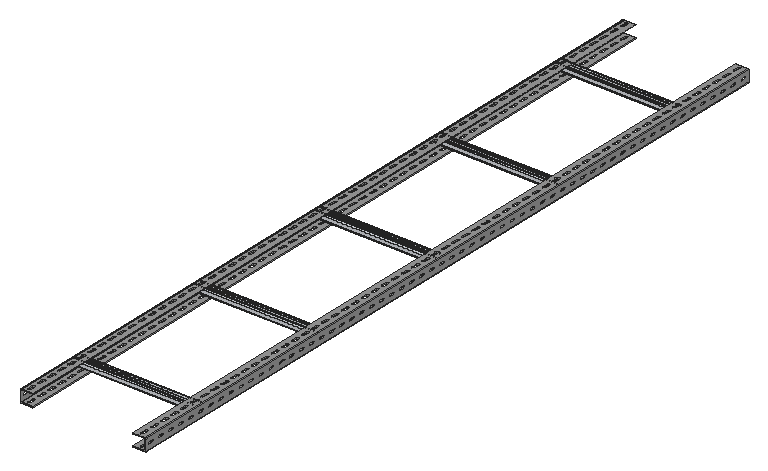
Revit family "steigeleiter__5_FT_FTSO_FTK_A2_A4.500rfa", category Generic Models, Revit 2017
Family settings
  Can host rebar = No
  Round Connector Dimension = Use Diameter
  Part Type = Normal
  Work Plane-Based = No
  Always vertical = Yes
  Cut with Voids When Loaded = No
  Shared = No
  Room Calculation Point = No
Parameters (values of type "SLM 50 C40 5 FT")
  Width 1 = Width / 2  # 250 mm
  Width = 500 mm
  URL = "http://www.obo-bettermann.com"
  Material = Hor-dip galvanised
  Manufacturer Art.No. = "6010490"
  Manufacturer = "OBO BETTERMANN"
  Length 2 = 273.5 mm
  Length = 3000 mm
  GTIN = "4012196146291"
  Cut's space 2 = 600 mm
  Cut's space = 50 mm
  Cut's number 2 = 5
  Cut's number = Length / Cut's space  # 60
  Article Type = "SLM 50 C40 5 FT"
Reference planes
  plane 1 "Center (Front/Back)": y = 0
  plane 2: z = 0
  plane 3 "Center (Left/Right)": x = 0
  plane 4: z = 50
  plane 5: y = 3000
  plane 6: y = 273.5
Forms (mm)
  Extrusion 1, solid, material "Hor-dip galvanised" <- "Material"
    sketch origin (0, 0, 0) x (1, 0, 0) y (0, 0, 1)
      loop
        arc (-246, 2.5) -> (-247.061, 2.939) -> (-247.5, 4) r 1.5
        line (-247.5, 4) -> (-247.5, 46)
        arc (-247.5, 46) -> (-247.061, 47.061) -> (-246, 47.5) r 1.5
        line (-246, 47.5) -> (-200, 47.5) -> (-200, 50) -> (-246, 50)
        arc (-246, 50) -> (-248.828, 48.828) -> (-250, 46) r 4
        line (-250, 46) -> (-250, 4)
        arc (-250, 4) -> (-248.828, 1.172) -> (-246, 0) r 4
        line (-246, 0) -> (-200, 0) -> (-200, 2.5) -> (-246, 2.5)
      loop
        line (200, 50) -> (200, 47.5) -> (246, 47.5)
        arc (246, 47.5) -> (247.061, 47.061) -> (247.5, 46) r 1.5
        line (247.5, 46) -> (247.5, 4)
        arc (247.5, 4) -> (247.061, 2.939) -> (246, 2.5) r 1.5
        line (246, 2.5) -> (200, 2.5) -> (200, 0) -> (249.273, 0)
        arc (249.273, 0) -> (249.787, 0.213) -> (250, 0.727) r 0.727
        line (250, 0.727) -> (250, 47.011)
        arc (250, 47.011) -> (249.124, 49.124) -> (247.011, 50) r 2.989
        line (247.011, 50) -> (200, 50)
    from 0 to -3000
  Extrusion 2, void
    sketch origin (0, 0, 0) x (1, 0, 0) y (0, 1, 0)
      loop
        arc (-230.5, 15.5) -> (-225, 10) -> (-219.5, 15.5) r 5.5
        line (-219.5, 15.5) -> (-219.5, 34.5)
        arc (-219.5, 34.5) -> (-225, 40) -> (-230.5, 34.5) r 5.5
        line (-230.5, 34.5) -> (-230.5, 15.5)
    from 47.5 to 50
  Extrusion 3, void
    sketch origin (0, 50, 0) x (1, 0, 0) y (0, 1, 0)
      loop
        arc (-230.5, 15.5) -> (-225, 10) -> (-219.5, 15.5) r 5.5
        line (-219.5, 15.5) -> (-219.5, 34.5)
        arc (-219.5, 34.5) -> (-225, 40) -> (-230.5, 34.5) r 5.5
        line (-230.5, 34.5) -> (-230.5, 15.5)
    from 47.5 to 50
  Extrusion 4, void
    sketch origin (0, 100, 0) x (1, 0, 0) y (0, 1, 0)
      loop
        arc (-230.5, 15.5) -> (-225, 10) -> (-219.5, 15.5) r 5.5
        line (-219.5, 15.5) -> (-219.5, 34.5)
        arc (-219.5, 34.5) -> (-225, 40) -> (-230.5, 34.5) r 5.5
        line (-230.5, 34.5) -> (-230.5, 15.5)
    from 47.5 to 50
  Extrusion 5, void
    sketch origin (0, 150, 0) x (1, 0, 0) y (0, 1, 0)
      loop
        arc (-230.5, 15.5) -> (-225, 10) -> (-219.5, 15.5) r 5.5
        line (-219.5, 15.5) -> (-219.5, 34.5)
        arc (-219.5, 34.5) -> (-225, 40) -> (-230.5, 34.5) r 5.5
        line (-230.5, 34.5) -> (-230.5, 15.5)
    from 47.5 to 50
  Extrusion 6, void
    sketch origin (0, 200, 0) x (1, 0, 0) y (0, 1, 0)
      loop
        arc (-230.5, 15.5) -> (-225, 10) -> (-219.5, 15.5) r 5.5
        line (-219.5, 15.5) -> (-219.5, 34.5)
        arc (-219.5, 34.5) -> (-225, 40) -> (-230.5, 34.5) r 5.5
        line (-230.5, 34.5) -> (-230.5, 15.5)
    from 47.5 to 50
  Extrusion 7, void
    sketch origin (0, 250, 0) x (1, 0, 0) y (0, 1, 0)
      loop
        arc (-230.5, 15.5) -> (-225, 10) -> (-219.5, 15.5) r 5.5
        line (-219.5, 15.5) -> (-219.5, 34.5)
        arc (-219.5, 34.5) -> (-225, 40) -> (-230.5, 34.5) r 5.5
        line (-230.5, 34.5) -> (-230.5, 15.5)
    from 47.5 to 50
  Extrusion 8, void
    sketch origin (0, 300, 0) x (1, 0, 0) y (0, 1, 0)
      loop
        arc (-230.5, 15.5) -> (-225, 10) -> (-219.5, 15.5) r 5.5
        line (-219.5, 15.5) -> (-219.5, 34.5)
        arc (-219.5, 34.5) -> (-225, 40) -> (-230.5, 34.5) r 5.5
        line (-230.5, 34.5) -> (-230.5, 15.5)
    from 47.5 to 50
  Extrusion 9, void
    sketch origin (0, 350, 0) x (1, 0, 0) y (0, 1, 0)
      loop
        arc (-230.5, 15.5) -> (-225, 10) -> (-219.5, 15.5) r 5.5
        line (-219.5, 15.5) -> (-219.5, 34.5)
        arc (-219.5, 34.5) -> (-225, 40) -> (-230.5, 34.5) r 5.5
        line (-230.5, 34.5) -> (-230.5, 15.5)
    from 47.5 to 50
  Extrusion 10, void
    sketch origin (0, 400, 0) x (1, 0, 0) y (0, 1, 0)
      loop
        arc (-230.5, 15.5) -> (-225, 10) -> (-219.5, 15.5) r 5.5
        line (-219.5, 15.5) -> (-219.5, 34.5)
        arc (-219.5, 34.5) -> (-225, 40) -> (-230.5, 34.5) r 5.5
        line (-230.5, 34.5) -> (-230.5, 15.5)
    from 47.5 to 50
  Extrusion 11, void
    sketch origin (0, 450, 0) x (1, 0, 0) y (0, 1, 0)
      loop
        arc (-230.5, 15.5) -> (-225, 10) -> (-219.5, 15.5) r 5.5
        line (-219.5, 15.5) -> (-219.5, 34.5)
        arc (-219.5, 34.5) -> (-225, 40) -> (-230.5, 34.5) r 5.5
        line (-230.5, 34.5) -> (-230.5, 15.5)
    from 47.5 to 50
  Extrusion 12, void
    sketch origin (0, 500, 0) x (1, 0, 0) y (0, 1, 0)
      loop
        arc (-230.5, 15.5) -> (-225, 10) -> (-219.5, 15.5) r 5.5
        line (-219.5, 15.5) -> (-219.5, 34.5)
        arc (-219.5, 34.5) -> (-225, 40) -> (-230.5, 34.5) r 5.5
        line (-230.5, 34.5) -> (-230.5, 15.5)
    from 47.5 to 50
  Extrusion 13, void
    sketch origin (0, 550, 0) x (1, 0, 0) y (0, 1, 0)
      loop
        arc (-230.5, 15.5) -> (-225, 10) -> (-219.5, 15.5) r 5.5
        line (-219.5, 15.5) -> (-219.5, 34.5)
        arc (-219.5, 34.5) -> (-225, 40) -> (-230.5, 34.5) r 5.5
        line (-230.5, 34.5) -> (-230.5, 15.5)
    from 47.5 to 50
  Extrusion 14, void
    sketch origin (0, 600, 0) x (1, 0, 0) y (0, 1, 0)
      loop
        arc (-230.5, 15.5) -> (-225, 10) -> (-219.5, 15.5) r 5.5
        line (-219.5, 15.5) -> (-219.5, 34.5)
        arc (-219.5, 34.5) -> (-225, 40) -> (-230.5, 34.5) r 5.5
        line (-230.5, 34.5) -> (-230.5, 15.5)
    from 47.5 to 50
  Extrusion 15, void
    sketch origin (0, 650, 0) x (1, 0, 0) y (0, 1, 0)
      loop
        arc (-230.5, 15.5) -> (-225, 10) -> (-219.5, 15.5) r 5.5
        line (-219.5, 15.5) -> (-219.5, 34.5)
        arc (-219.5, 34.5) -> (-225, 40) -> (-230.5, 34.5) r 5.5
        line (-230.5, 34.5) -> (-230.5, 15.5)
    from 47.5 to 50
  Extrusion 16, void
    sketch origin (0, 700, 0) x (1, 0, 0) y (0, 1, 0)
      loop
        arc (-230.5, 15.5) -> (-225, 10) -> (-219.5, 15.5) r 5.5
        line (-219.5, 15.5) -> (-219.5, 34.5)
        arc (-219.5, 34.5) -> (-225, 40) -> (-230.5, 34.5) r 5.5
        line (-230.5, 34.5) -> (-230.5, 15.5)
    from 47.5 to 50
  Extrusion 17, void
    sketch origin (0, 750, 0) x (1, 0, 0) y (0, 1, 0)
      loop
        arc (-230.5, 15.5) -> (-225, 10) -> (-219.5, 15.5) r 5.5
        line (-219.5, 15.5) -> (-219.5, 34.5)
        arc (-219.5, 34.5) -> (-225, 40) -> (-230.5, 34.5) r 5.5
        line (-230.5, 34.5) -> (-230.5, 15.5)
    from 47.5 to 50
  Extrusion 18, void
    sketch origin (0, 800, 0) x (1, 0, 0) y (0, 1, 0)
      loop
        arc (-230.5, 15.5) -> (-225, 10) -> (-219.5, 15.5) r 5.5
        line (-219.5, 15.5) -> (-219.5, 34.5)
        arc (-219.5, 34.5) -> (-225, 40) -> (-230.5, 34.5) r 5.5
        line (-230.5, 34.5) -> (-230.5, 15.5)
    from 47.5 to 50
  Extrusion 19, void
    sketch origin (0, 850, 0) x (1, 0, 0) y (0, 1, 0)
      loop
        arc (-230.5, 15.5) -> (-225, 10) -> (-219.5, 15.5) r 5.5
        line (-219.5, 15.5) -> (-219.5, 34.5)
        arc (-219.5, 34.5) -> (-225, 40) -> (-230.5, 34.5) r 5.5
        line (-230.5, 34.5) -> (-230.5, 15.5)
    from 47.5 to 50
  Extrusion 20, void
    sketch origin (0, 900, 0) x (1, 0, 0) y (0, 1, 0)
      loop
        arc (-230.5, 15.5) -> (-225, 10) -> (-219.5, 15.5) r 5.5
        line (-219.5, 15.5) -> (-219.5, 34.5)
        arc (-219.5, 34.5) -> (-225, 40) -> (-230.5, 34.5) r 5.5
        line (-230.5, 34.5) -> (-230.5, 15.5)
    from 47.5 to 50
  Extrusion 21, void
    sketch origin (0, 950, 0) x (1, 0, 0) y (0, 1, 0)
      loop
        arc (-230.5, 15.5) -> (-225, 10) -> (-219.5, 15.5) r 5.5
        line (-219.5, 15.5) -> (-219.5, 34.5)
        arc (-219.5, 34.5) -> (-225, 40) -> (-230.5, 34.5) r 5.5
        line (-230.5, 34.5) -> (-230.5, 15.5)
    from 47.5 to 50
  Extrusion 22, void
    sketch origin (0, 1000, 0) x (1, 0, 0) y (0, 1, 0)
      loop
        arc (-230.5, 15.5) -> (-225, 10) -> (-219.5, 15.5) r 5.5
        line (-219.5, 15.5) -> (-219.5, 34.5)
        arc (-219.5, 34.5) -> (-225, 40) -> (-230.5, 34.5) r 5.5
        line (-230.5, 34.5) -> (-230.5, 15.5)
    from 47.5 to 50
  Extrusion 23, void
    sketch origin (0, 1050, 0) x (1, 0, 0) y (0, 1, 0)
      loop
        arc (-230.5, 15.5) -> (-225, 10) -> (-219.5, 15.5) r 5.5
        line (-219.5, 15.5) -> (-219.5, 34.5)
        arc (-219.5, 34.5) -> (-225, 40) -> (-230.5, 34.5) r 5.5
        line (-230.5, 34.5) -> (-230.5, 15.5)
    from 47.5 to 50
  Extrusion 24, void
    sketch origin (0, 1100, 0) x (1, 0, 0) y (0, 1, 0)
      loop
        arc (-230.5, 15.5) -> (-225, 10) -> (-219.5, 15.5) r 5.5
        line (-219.5, 15.5) -> (-219.5, 34.5)
        arc (-219.5, 34.5) -> (-225, 40) -> (-230.5, 34.5) r 5.5
        line (-230.5, 34.5) -> (-230.5, 15.5)
    from 47.5 to 50
  Extrusion 25, void
    sketch origin (0, 1150, 0) x (1, 0, 0) y (0, 1, 0)
      loop
        arc (-230.5, 15.5) -> (-225, 10) -> (-219.5, 15.5) r 5.5
        line (-219.5, 15.5) -> (-219.5, 34.5)
        arc (-219.5, 34.5) -> (-225, 40) -> (-230.5, 34.5) r 5.5
        line (-230.5, 34.5) -> (-230.5, 15.5)
    from 47.5 to 50
  Extrusion 26, void
    sketch origin (0, 1200, 0) x (1, 0, 0) y (0, 1, 0)
      loop
        arc (-230.5, 15.5) -> (-225, 10) -> (-219.5, 15.5) r 5.5
        line (-219.5, 15.5) -> (-219.5, 34.5)
        arc (-219.5, 34.5) -> (-225, 40) -> (-230.5, 34.5) r 5.5
        line (-230.5, 34.5) -> (-230.5, 15.5)
    from 47.5 to 50
  Extrusion 27, void
    sketch origin (0, 1250, 0) x (1, 0, 0) y (0, 1, 0)
      loop
        arc (-230.5, 15.5) -> (-225, 10) -> (-219.5, 15.5) r 5.5
        line (-219.5, 15.5) -> (-219.5, 34.5)
        arc (-219.5, 34.5) -> (-225, 40) -> (-230.5, 34.5) r 5.5
        line (-230.5, 34.5) -> (-230.5, 15.5)
    from 47.5 to 50
  Extrusion 28, void
    sketch origin (0, 1300, 0) x (1, 0, 0) y (0, 1, 0)
      loop
        arc (-230.5, 15.5) -> (-225, 10) -> (-219.5, 15.5) r 5.5
        line (-219.5, 15.5) -> (-219.5, 34.5)
        arc (-219.5, 34.5) -> (-225, 40) -> (-230.5, 34.5) r 5.5
        line (-230.5, 34.5) -> (-230.5, 15.5)
    from 47.5 to 50
  Extrusion 29, void
    sketch origin (0, 1350, 0) x (1, 0, 0) y (0, 1, 0)
      loop
        arc (-230.5, 15.5) -> (-225, 10) -> (-219.5, 15.5) r 5.5
        line (-219.5, 15.5) -> (-219.5, 34.5)
        arc (-219.5, 34.5) -> (-225, 40) -> (-230.5, 34.5) r 5.5
        line (-230.5, 34.5) -> (-230.5, 15.5)
    from 47.5 to 50
  Extrusion 30, void
    sketch origin (0, 1400, 0) x (1, 0, 0) y (0, 1, 0)
      loop
        arc (-230.5, 15.5) -> (-225, 10) -> (-219.5, 15.5) r 5.5
        line (-219.5, 15.5) -> (-219.5, 34.5)
        arc (-219.5, 34.5) -> (-225, 40) -> (-230.5, 34.5) r 5.5
        line (-230.5, 34.5) -> (-230.5, 15.5)
    from 47.5 to 50
  Extrusion 31, void
    sketch origin (0, 1450, 0) x (1, 0, 0) y (0, 1, 0)
      loop
        arc (-230.5, 15.5) -> (-225, 10) -> (-219.5, 15.5) r 5.5
        line (-219.5, 15.5) -> (-219.5, 34.5)
        arc (-219.5, 34.5) -> (-225, 40) -> (-230.5, 34.5) r 5.5
        line (-230.5, 34.5) -> (-230.5, 15.5)
    from 47.5 to 50
  Extrusion 32, void
    sketch origin (0, 1500, 0) x (1, 0, 0) y (0, 1, 0)
      loop
        arc (-230.5, 15.5) -> (-225, 10) -> (-219.5, 15.5) r 5.5
        line (-219.5, 15.5) -> (-219.5, 34.5)
        arc (-219.5, 34.5) -> (-225, 40) -> (-230.5, 34.5) r 5.5
        line (-230.5, 34.5) -> (-230.5, 15.5)
    from 47.5 to 50
  Extrusion 33, void
    sketch origin (0, 1550, 0) x (1, 0, 0) y (0, 1, 0)
      loop
        arc (-230.5, 15.5) -> (-225, 10) -> (-219.5, 15.5) r 5.5
        line (-219.5, 15.5) -> (-219.5, 34.5)
        arc (-219.5, 34.5) -> (-225, 40) -> (-230.5, 34.5) r 5.5
        line (-230.5, 34.5) -> (-230.5, 15.5)
    from 47.5 to 50
  Extrusion 34, void
    sketch origin (0, 1600, 0) x (1, 0, 0) y (0, 1, 0)
      loop
        arc (-230.5, 15.5) -> (-225, 10) -> (-219.5, 15.5) r 5.5
        line (-219.5, 15.5) -> (-219.5, 34.5)
        arc (-219.5, 34.5) -> (-225, 40) -> (-230.5, 34.5) r 5.5
        line (-230.5, 34.5) -> (-230.5, 15.5)
    from 47.5 to 50
  Extrusion 35, void
    sketch origin (0, 1650, 0) x (1, 0, 0) y (0, 1, 0)
      loop
        arc (-230.5, 15.5) -> (-225, 10) -> (-219.5, 15.5) r 5.5
        line (-219.5, 15.5) -> (-219.5, 34.5)
        arc (-219.5, 34.5) -> (-225, 40) -> (-230.5, 34.5) r 5.5
        line (-230.5, 34.5) -> (-230.5, 15.5)
    from 47.5 to 50
  Extrusion 36, void
    sketch origin (0, 1700, 0) x (1, 0, 0) y (0, 1, 0)
      loop
        arc (-230.5, 15.5) -> (-225, 10) -> (-219.5, 15.5) r 5.5
        line (-219.5, 15.5) -> (-219.5, 34.5)
        arc (-219.5, 34.5) -> (-225, 40) -> (-230.5, 34.5) r 5.5
        line (-230.5, 34.5) -> (-230.5, 15.5)
    from 47.5 to 50
  Extrusion 37, void
    sketch origin (0, 1750, 0) x (1, 0, 0) y (0, 1, 0)
      loop
        arc (-230.5, 15.5) -> (-225, 10) -> (-219.5, 15.5) r 5.5
        line (-219.5, 15.5) -> (-219.5, 34.5)
        arc (-219.5, 34.5) -> (-225, 40) -> (-230.5, 34.5) r 5.5
        line (-230.5, 34.5) -> (-230.5, 15.5)
    from 47.5 to 50
  Extrusion 38, void
    sketch origin (0, 1800, 0) x (1, 0, 0) y (0, 1, 0)
      loop
        arc (-230.5, 15.5) -> (-225, 10) -> (-219.5, 15.5) r 5.5
        line (-219.5, 15.5) -> (-219.5, 34.5)
        arc (-219.5, 34.5) -> (-225, 40) -> (-230.5, 34.5) r 5.5
        line (-230.5, 34.5) -> (-230.5, 15.5)
    from 47.5 to 50
  Extrusion 39, void
    sketch origin (0, 1850, 0) x (1, 0, 0) y (0, 1, 0)
      loop
        arc (-230.5, 15.5) -> (-225, 10) -> (-219.5, 15.5) r 5.5
        line (-219.5, 15.5) -> (-219.5, 34.5)
        arc (-219.5, 34.5) -> (-225, 40) -> (-230.5, 34.5) r 5.5
        line (-230.5, 34.5) -> (-230.5, 15.5)
    from 47.5 to 50
  Extrusion 40, void
    sketch origin (0, 1900, 0) x (1, 0, 0) y (0, 1, 0)
      loop
        arc (-230.5, 15.5) -> (-225, 10) -> (-219.5, 15.5) r 5.5
        line (-219.5, 15.5) -> (-219.5, 34.5)
        arc (-219.5, 34.5) -> (-225, 40) -> (-230.5, 34.5) r 5.5
        line (-230.5, 34.5) -> (-230.5, 15.5)
    from 47.5 to 50
  Extrusion 41, void
    sketch origin (0, 1950, 0) x (1, 0, 0) y (0, 1, 0)
      loop
        arc (-230.5, 15.5) -> (-225, 10) -> (-219.5, 15.5) r 5.5
        line (-219.5, 15.5) -> (-219.5, 34.5)
        arc (-219.5, 34.5) -> (-225, 40) -> (-230.5, 34.5) r 5.5
        line (-230.5, 34.5) -> (-230.5, 15.5)
    from 47.5 to 50
  Extrusion 42, void
    sketch origin (0, 2000, 0) x (1, 0, 0) y (0, 1, 0)
      loop
        arc (-230.5, 15.5) -> (-225, 10) -> (-219.5, 15.5) r 5.5
        line (-219.5, 15.5) -> (-219.5, 34.5)
        arc (-219.5, 34.5) -> (-225, 40) -> (-230.5, 34.5) r 5.5
        line (-230.5, 34.5) -> (-230.5, 15.5)
    from 47.5 to 50
  Extrusion 43, void
    sketch origin (0, 2050, 0) x (1, 0, 0) y (0, 1, 0)
      loop
        arc (-230.5, 15.5) -> (-225, 10) -> (-219.5, 15.5) r 5.5
        line (-219.5, 15.5) -> (-219.5, 34.5)
        arc (-219.5, 34.5) -> (-225, 40) -> (-230.5, 34.5) r 5.5
        line (-230.5, 34.5) -> (-230.5, 15.5)
    from 47.5 to 50
  Extrusion 44, void
    sketch origin (0, 2100, 0) x (1, 0, 0) y (0, 1, 0)
      loop
        arc (-230.5, 15.5) -> (-225, 10) -> (-219.5, 15.5) r 5.5
        line (-219.5, 15.5) -> (-219.5, 34.5)
        arc (-219.5, 34.5) -> (-225, 40) -> (-230.5, 34.5) r 5.5
        line (-230.5, 34.5) -> (-230.5, 15.5)
    from 47.5 to 50
  Extrusion 45, void
    sketch origin (0, 2150, 0) x (1, 0, 0) y (0, 1, 0)
      loop
        arc (-230.5, 15.5) -> (-225, 10) -> (-219.5, 15.5) r 5.5
        line (-219.5, 15.5) -> (-219.5, 34.5)
        arc (-219.5, 34.5) -> (-225, 40) -> (-230.5, 34.5) r 5.5
        line (-230.5, 34.5) -> (-230.5, 15.5)
    from 47.5 to 50
  Extrusion 46, void
    sketch origin (0, 2200, 0) x (1, 0, 0) y (0, 1, 0)
      loop
        arc (-230.5, 15.5) -> (-225, 10) -> (-219.5, 15.5) r 5.5
        line (-219.5, 15.5) -> (-219.5, 34.5)
        arc (-219.5, 34.5) -> (-225, 40) -> (-230.5, 34.5) r 5.5
        line (-230.5, 34.5) -> (-230.5, 15.5)
    from 47.5 to 50
  Extrusion 47, void
    sketch origin (0, 2250, 0) x (1, 0, 0) y (0, 1, 0)
      loop
        arc (-230.5, 15.5) -> (-225, 10) -> (-219.5, 15.5) r 5.5
        line (-219.5, 15.5) -> (-219.5, 34.5)
        arc (-219.5, 34.5) -> (-225, 40) -> (-230.5, 34.5) r 5.5
        line (-230.5, 34.5) -> (-230.5, 15.5)
    from 47.5 to 50
  Extrusion 48, void
    sketch origin (0, 2300, 0) x (1, 0, 0) y (0, 1, 0)
      loop
        arc (-230.5, 15.5) -> (-225, 10) -> (-219.5, 15.5) r 5.5
        line (-219.5, 15.5) -> (-219.5, 34.5)
        arc (-219.5, 34.5) -> (-225, 40) -> (-230.5, 34.5) r 5.5
        line (-230.5, 34.5) -> (-230.5, 15.5)
    from 47.5 to 50
  Extrusion 49, void
    sketch origin (0, 2350, 0) x (1, 0, 0) y (0, 1, 0)
      loop
        arc (-230.5, 15.5) -> (-225, 10) -> (-219.5, 15.5) r 5.5
        line (-219.5, 15.5) -> (-219.5, 34.5)
        arc (-219.5, 34.5) -> (-225, 40) -> (-230.5, 34.5) r 5.5
        line (-230.5, 34.5) -> (-230.5, 15.5)
    from 47.5 to 50
  Extrusion 50, void
    sketch origin (0, 2400, 0) x (1, 0, 0) y (0, 1, 0)
      loop
        arc (-230.5, 15.5) -> (-225, 10) -> (-219.5, 15.5) r 5.5
        line (-219.5, 15.5) -> (-219.5, 34.5)
        arc (-219.5, 34.5) -> (-225, 40) -> (-230.5, 34.5) r 5.5
        line (-230.5, 34.5) -> (-230.5, 15.5)
    from 47.5 to 50
  Extrusion 51, void
    sketch origin (0, 2450, 0) x (1, 0, 0) y (0, 1, 0)
      loop
        arc (-230.5, 15.5) -> (-225, 10) -> (-219.5, 15.5) r 5.5
        line (-219.5, 15.5) -> (-219.5, 34.5)
        arc (-219.5, 34.5) -> (-225, 40) -> (-230.5, 34.5) r 5.5
        line (-230.5, 34.5) -> (-230.5, 15.5)
    from 47.5 to 50
  Extrusion 52, void
    sketch origin (0, 2500, 0) x (1, 0, 0) y (0, 1, 0)
      loop
        arc (-230.5, 15.5) -> (-225, 10) -> (-219.5, 15.5) r 5.5
        line (-219.5, 15.5) -> (-219.5, 34.5)
        arc (-219.5, 34.5) -> (-225, 40) -> (-230.5, 34.5) r 5.5
        line (-230.5, 34.5) -> (-230.5, 15.5)
    from 47.5 to 50
  Extrusion 53, void
    sketch origin (0, 2550, 0) x (1, 0, 0) y (0, 1, 0)
      loop
        arc (-230.5, 15.5) -> (-225, 10) -> (-219.5, 15.5) r 5.5
        line (-219.5, 15.5) -> (-219.5, 34.5)
        arc (-219.5, 34.5) -> (-225, 40) -> (-230.5, 34.5) r 5.5
        line (-230.5, 34.5) -> (-230.5, 15.5)
    from 47.5 to 50
  Extrusion 54, void
    sketch origin (0, 2600, 0) x (1, 0, 0) y (0, 1, 0)
      loop
        arc (-230.5, 15.5) -> (-225, 10) -> (-219.5, 15.5) r 5.5
        line (-219.5, 15.5) -> (-219.5, 34.5)
        arc (-219.5, 34.5) -> (-225, 40) -> (-230.5, 34.5) r 5.5
        line (-230.5, 34.5) -> (-230.5, 15.5)
    from 47.5 to 50
  Extrusion 55, void
    sketch origin (0, 2650, 0) x (1, 0, 0) y (0, 1, 0)
      loop
        arc (-230.5, 15.5) -> (-225, 10) -> (-219.5, 15.5) r 5.5
        line (-219.5, 15.5) -> (-219.5, 34.5)
        arc (-219.5, 34.5) -> (-225, 40) -> (-230.5, 34.5) r 5.5
        line (-230.5, 34.5) -> (-230.5, 15.5)
    from 47.5 to 50
  Extrusion 56, void
    sketch origin (0, 2700, 0) x (1, 0, 0) y (0, 1, 0)
      loop
        arc (-230.5, 15.5) -> (-225, 10) -> (-219.5, 15.5) r 5.5
        line (-219.5, 15.5) -> (-219.5, 34.5)
        arc (-219.5, 34.5) -> (-225, 40) -> (-230.5, 34.5) r 5.5
        line (-230.5, 34.5) -> (-230.5, 15.5)
    from 47.5 to 50
  Extrusion 57, void
    sketch origin (0, 2750, 0) x (1, 0, 0) y (0, 1, 0)
      loop
        arc (-230.5, 15.5) -> (-225, 10) -> (-219.5, 15.5) r 5.5
        line (-219.5, 15.5) -> (-219.5, 34.5)
        arc (-219.5, 34.5) -> (-225, 40) -> (-230.5, 34.5) r 5.5
        line (-230.5, 34.5) -> (-230.5, 15.5)
    from 47.5 to 50
  Extrusion 58, void
    sketch origin (0, 2800, 0) x (1, 0, 0) y (0, 1, 0)
      loop
        arc (-230.5, 15.5) -> (-225, 10) -> (-219.5, 15.5) r 5.5
        line (-219.5, 15.5) -> (-219.5, 34.5)
        arc (-219.5, 34.5) -> (-225, 40) -> (-230.5, 34.5) r 5.5
        line (-230.5, 34.5) -> (-230.5, 15.5)
    from 47.5 to 50
  Extrusion 59, void
    sketch origin (0, 2850, 0) x (1, 0, 0) y (0, 1, 0)
      loop
        arc (-230.5, 15.5) -> (-225, 10) -> (-219.5, 15.5) r 5.5
        line (-219.5, 15.5) -> (-219.5, 34.5)
        arc (-219.5, 34.5) -> (-225, 40) -> (-230.5, 34.5) r 5.5
        line (-230.5, 34.5) -> (-230.5, 15.5)
    from 47.5 to 50
  Extrusion 60, void
    sketch origin (0, 2900, 0) x (1, 0, 0) y (0, 1, 0)
      loop
        arc (-230.5, 15.5) -> (-225, 10) -> (-219.5, 15.5) r 5.5
        line (-219.5, 15.5) -> (-219.5, 34.5)
        arc (-219.5, 34.5) -> (-225, 40) -> (-230.5, 34.5) r 5.5
        line (-230.5, 34.5) -> (-230.5, 15.5)
    from 47.5 to 50
  Extrusion 61, void
    sketch origin (0, 2950, 0) x (1, 0, 0) y (0, 1, 0)
      loop
        arc (-230.5, 15.5) -> (-225, 10) -> (-219.5, 15.5) r 5.5
        line (-219.5, 15.5) -> (-219.5, 34.5)
        arc (-219.5, 34.5) -> (-225, 40) -> (-230.5, 34.5) r 5.5
        line (-230.5, 34.5) -> (-230.5, 15.5)
    from 47.5 to 50
  Extrusion 62, void
    sketch origin (0, 0, 0) x (1, 0, 0) y (0, 1, 0)
      loop
        arc (219.5, 15.5) -> (225, 10) -> (230.5, 15.5) r 5.5
        line (230.5, 15.5) -> (230.5, 34.5)
        arc (230.5, 34.5) -> (225, 40) -> (219.5, 34.5) r 5.5
        line (219.5, 34.5) -> (219.5, 15.5)
    from 47.5 to 50
  Extrusion 63, void
    sketch origin (0, 50, 0) x (1, 0, 0) y (0, 1, 0)
      loop
        arc (219.5, 15.5) -> (225, 10) -> (230.5, 15.5) r 5.5
        line (230.5, 15.5) -> (230.5, 34.5)
        arc (230.5, 34.5) -> (225, 40) -> (219.5, 34.5) r 5.5
        line (219.5, 34.5) -> (219.5, 15.5)
    from 47.5 to 50
  Extrusion 64, void
    sketch origin (0, 100, 0) x (1, 0, 0) y (0, 1, 0)
      loop
        arc (219.5, 15.5) -> (225, 10) -> (230.5, 15.5) r 5.5
        line (230.5, 15.5) -> (230.5, 34.5)
        arc (230.5, 34.5) -> (225, 40) -> (219.5, 34.5) r 5.5
        line (219.5, 34.5) -> (219.5, 15.5)
    from 47.5 to 50
  Extrusion 65, void
    sketch origin (0, 150, 0) x (1, 0, 0) y (0, 1, 0)
      loop
        arc (219.5, 15.5) -> (225, 10) -> (230.5, 15.5) r 5.5
        line (230.5, 15.5) -> (230.5, 34.5)
        arc (230.5, 34.5) -> (225, 40) -> (219.5, 34.5) r 5.5
        line (219.5, 34.5) -> (219.5, 15.5)
    from 47.5 to 50
  Extrusion 66, void
    sketch origin (0, 200, 0) x (1, 0, 0) y (0, 1, 0)
      loop
        arc (219.5, 15.5) -> (225, 10) -> (230.5, 15.5) r 5.5
        line (230.5, 15.5) -> (230.5, 34.5)
        arc (230.5, 34.5) -> (225, 40) -> (219.5, 34.5) r 5.5
        line (219.5, 34.5) -> (219.5, 15.5)
    from 47.5 to 50
  Extrusion 67, void
    sketch origin (0, 250, 0) x (1, 0, 0) y (0, 1, 0)
      loop
        arc (219.5, 15.5) -> (225, 10) -> (230.5, 15.5) r 5.5
        line (230.5, 15.5) -> (230.5, 34.5)
        arc (230.5, 34.5) -> (225, 40) -> (219.5, 34.5) r 5.5
        line (219.5, 34.5) -> (219.5, 15.5)
    from 47.5 to 50
  Extrusion 68, void
    sketch origin (0, 300, 0) x (1, 0, 0) y (0, 1, 0)
      loop
        arc (219.5, 15.5) -> (225, 10) -> (230.5, 15.5) r 5.5
        line (230.5, 15.5) -> (230.5, 34.5)
        arc (230.5, 34.5) -> (225, 40) -> (219.5, 34.5) r 5.5
        line (219.5, 34.5) -> (219.5, 15.5)
    from 47.5 to 50
  Extrusion 69, void
    sketch origin (0, 350, 0) x (1, 0, 0) y (0, 1, 0)
      loop
        arc (219.5, 15.5) -> (225, 10) -> (230.5, 15.5) r 5.5
        line (230.5, 15.5) -> (230.5, 34.5)
        arc (230.5, 34.5) -> (225, 40) -> (219.5, 34.5) r 5.5
        line (219.5, 34.5) -> (219.5, 15.5)
    from 47.5 to 50
  Extrusion 70, void
    sketch origin (0, 400, 0) x (1, 0, 0) y (0, 1, 0)
      loop
        arc (219.5, 15.5) -> (225, 10) -> (230.5, 15.5) r 5.5
        line (230.5, 15.5) -> (230.5, 34.5)
        arc (230.5, 34.5) -> (225, 40) -> (219.5, 34.5) r 5.5
        line (219.5, 34.5) -> (219.5, 15.5)
    from 47.5 to 50
  Extrusion 71, void
    sketch origin (0, 450, 0) x (1, 0, 0) y (0, 1, 0)
      loop
        arc (219.5, 15.5) -> (225, 10) -> (230.5, 15.5) r 5.5
        line (230.5, 15.5) -> (230.5, 34.5)
        arc (230.5, 34.5) -> (225, 40) -> (219.5, 34.5) r 5.5
        line (219.5, 34.5) -> (219.5, 15.5)
    from 47.5 to 50
  Extrusion 72, void
    sketch origin (0, 500, 0) x (1, 0, 0) y (0, 1, 0)
      loop
        arc (219.5, 15.5) -> (225, 10) -> (230.5, 15.5) r 5.5
        line (230.5, 15.5) -> (230.5, 34.5)
        arc (230.5, 34.5) -> (225, 40) -> (219.5, 34.5) r 5.5
        line (219.5, 34.5) -> (219.5, 15.5)
    from 47.5 to 50
  Extrusion 73, void
    sketch origin (0, 550, 0) x (1, 0, 0) y (0, 1, 0)
      loop
        arc (219.5, 15.5) -> (225, 10) -> (230.5, 15.5) r 5.5
        line (230.5, 15.5) -> (230.5, 34.5)
        arc (230.5, 34.5) -> (225, 40) -> (219.5, 34.5) r 5.5
        line (219.5, 34.5) -> (219.5, 15.5)
    from 47.5 to 50
  Extrusion 74, void
    sketch origin (0, 600, 0) x (1, 0, 0) y (0, 1, 0)
      loop
        arc (219.5, 15.5) -> (225, 10) -> (230.5, 15.5) r 5.5
        line (230.5, 15.5) -> (230.5, 34.5)
        arc (230.5, 34.5) -> (225, 40) -> (219.5, 34.5) r 5.5
        line (219.5, 34.5) -> (219.5, 15.5)
    from 47.5 to 50
  Extrusion 75, void
    sketch origin (0, 650, 0) x (1, 0, 0) y (0, 1, 0)
      loop
        arc (219.5, 15.5) -> (225, 10) -> (230.5, 15.5) r 5.5
        line (230.5, 15.5) -> (230.5, 34.5)
        arc (230.5, 34.5) -> (225, 40) -> (219.5, 34.5) r 5.5
        line (219.5, 34.5) -> (219.5, 15.5)
    from 47.5 to 50
  Extrusion 76, void
    sketch origin (0, 700, 0) x (1, 0, 0) y (0, 1, 0)
      loop
        arc (219.5, 15.5) -> (225, 10) -> (230.5, 15.5) r 5.5
        line (230.5, 15.5) -> (230.5, 34.5)
        arc (230.5, 34.5) -> (225, 40) -> (219.5, 34.5) r 5.5
        line (219.5, 34.5) -> (219.5, 15.5)
    from 47.5 to 50
  Extrusion 77, void
    sketch origin (0, 750, 0) x (1, 0, 0) y (0, 1, 0)
      loop
        arc (219.5, 15.5) -> (225, 10) -> (230.5, 15.5) r 5.5
        line (230.5, 15.5) -> (230.5, 34.5)
        arc (230.5, 34.5) -> (225, 40) -> (219.5, 34.5) r 5.5
        line (219.5, 34.5) -> (219.5, 15.5)
    from 47.5 to 50
  Extrusion 78, void
    sketch origin (0, 800, 0) x (1, 0, 0) y (0, 1, 0)
      loop
        arc (219.5, 15.5) -> (225, 10) -> (230.5, 15.5) r 5.5
        line (230.5, 15.5) -> (230.5, 34.5)
        arc (230.5, 34.5) -> (225, 40) -> (219.5, 34.5) r 5.5
        line (219.5, 34.5) -> (219.5, 15.5)
    from 47.5 to 50
  Extrusion 79, void
    sketch origin (0, 850, 0) x (1, 0, 0) y (0, 1, 0)
      loop
        arc (219.5, 15.5) -> (225, 10) -> (230.5, 15.5) r 5.5
        line (230.5, 15.5) -> (230.5, 34.5)
        arc (230.5, 34.5) -> (225, 40) -> (219.5, 34.5) r 5.5
        line (219.5, 34.5) -> (219.5, 15.5)
    from 47.5 to 50
  Extrusion 80, void
    sketch origin (0, 900, 0) x (1, 0, 0) y (0, 1, 0)
      loop
        arc (219.5, 15.5) -> (225, 10) -> (230.5, 15.5) r 5.5
        line (230.5, 15.5) -> (230.5, 34.5)
        arc (230.5, 34.5) -> (225, 40) -> (219.5, 34.5) r 5.5
        line (219.5, 34.5) -> (219.5, 15.5)
    from 47.5 to 50
  Extrusion 81, void
    sketch origin (0, 950, 0) x (1, 0, 0) y (0, 1, 0)
      loop
        arc (219.5, 15.5) -> (225, 10) -> (230.5, 15.5) r 5.5
        line (230.5, 15.5) -> (230.5, 34.5)
        arc (230.5, 34.5) -> (225, 40) -> (219.5, 34.5) r 5.5
        line (219.5, 34.5) -> (219.5, 15.5)
    from 47.5 to 50
  Extrusion 82, void
    sketch origin (0, 1000, 0) x (1, 0, 0) y (0, 1, 0)
      loop
        arc (219.5, 15.5) -> (225, 10) -> (230.5, 15.5) r 5.5
        line (230.5, 15.5) -> (230.5, 34.5)
        arc (230.5, 34.5) -> (225, 40) -> (219.5, 34.5) r 5.5
        line (219.5, 34.5) -> (219.5, 15.5)
    from 47.5 to 50
  Extrusion 83, void
    sketch origin (0, 1050, 0) x (1, 0, 0) y (0, 1, 0)
      loop
        arc (219.5, 15.5) -> (225, 10) -> (230.5, 15.5) r 5.5
        line (230.5, 15.5) -> (230.5, 34.5)
        arc (230.5, 34.5) -> (225, 40) -> (219.5, 34.5) r 5.5
        line (219.5, 34.5) -> (219.5, 15.5)
    from 47.5 to 50
  Extrusion 84, void
    sketch origin (0, 1100, 0) x (1, 0, 0) y (0, 1, 0)
      loop
        arc (219.5, 15.5) -> (225, 10) -> (230.5, 15.5) r 5.5
        line (230.5, 15.5) -> (230.5, 34.5)
        arc (230.5, 34.5) -> (225, 40) -> (219.5, 34.5) r 5.5
        line (219.5, 34.5) -> (219.5, 15.5)
    from 47.5 to 50
  Extrusion 85, void
    sketch origin (0, 1150, 0) x (1, 0, 0) y (0, 1, 0)
      loop
        arc (219.5, 15.5) -> (225, 10) -> (230.5, 15.5) r 5.5
        line (230.5, 15.5) -> (230.5, 34.5)
        arc (230.5, 34.5) -> (225, 40) -> (219.5, 34.5) r 5.5
        line (219.5, 34.5) -> (219.5, 15.5)
    from 47.5 to 50
  Extrusion 86, void
    sketch origin (0, 1200, 0) x (1, 0, 0) y (0, 1, 0)
      loop
        arc (219.5, 15.5) -> (225, 10) -> (230.5, 15.5) r 5.5
        line (230.5, 15.5) -> (230.5, 34.5)
        arc (230.5, 34.5) -> (225, 40) -> (219.5, 34.5) r 5.5
        line (219.5, 34.5) -> (219.5, 15.5)
    from 47.5 to 50
  Extrusion 87, void
    sketch origin (0, 1250, 0) x (1, 0, 0) y (0, 1, 0)
      loop
        arc (219.5, 15.5) -> (225, 10) -> (230.5, 15.5) r 5.5
        line (230.5, 15.5) -> (230.5, 34.5)
        arc (230.5, 34.5) -> (225, 40) -> (219.5, 34.5) r 5.5
        line (219.5, 34.5) -> (219.5, 15.5)
    from 47.5 to 50
  Extrusion 88, void
    sketch origin (0, 1300, 0) x (1, 0, 0) y (0, 1, 0)
      loop
        arc (219.5, 15.5) -> (225, 10) -> (230.5, 15.5) r 5.5
        line (230.5, 15.5) -> (230.5, 34.5)
        arc (230.5, 34.5) -> (225, 40) -> (219.5, 34.5) r 5.5
        line (219.5, 34.5) -> (219.5, 15.5)
    from 47.5 to 50
  Extrusion 89, void
    sketch origin (0, 1350, 0) x (1, 0, 0) y (0, 1, 0)
      loop
        arc (219.5, 15.5) -> (225, 10) -> (230.5, 15.5) r 5.5
        line (230.5, 15.5) -> (230.5, 34.5)
        arc (230.5, 34.5) -> (225, 40) -> (219.5, 34.5) r 5.5
        line (219.5, 34.5) -> (219.5, 15.5)
    from 47.5 to 50
  Extrusion 90, void
    sketch origin (0, 1400, 0) x (1, 0, 0) y (0, 1, 0)
      loop
        arc (219.5, 15.5) -> (225, 10) -> (230.5, 15.5) r 5.5
        line (230.5, 15.5) -> (230.5, 34.5)
        arc (230.5, 34.5) -> (225, 40) -> (219.5, 34.5) r 5.5
        line (219.5, 34.5) -> (219.5, 15.5)
    from 47.5 to 50
  Extrusion 91, void
    sketch origin (0, 1450, 0) x (1, 0, 0) y (0, 1, 0)
      loop
        arc (219.5, 15.5) -> (225, 10) -> (230.5, 15.5) r 5.5
        line (230.5, 15.5) -> (230.5, 34.5)
        arc (230.5, 34.5) -> (225, 40) -> (219.5, 34.5) r 5.5
        line (219.5, 34.5) -> (219.5, 15.5)
    from 47.5 to 50
  Extrusion 92, void
    sketch origin (0, 1500, 0) x (1, 0, 0) y (0, 1, 0)
      loop
        arc (219.5, 15.5) -> (225, 10) -> (230.5, 15.5) r 5.5
        line (230.5, 15.5) -> (230.5, 34.5)
        arc (230.5, 34.5) -> (225, 40) -> (219.5, 34.5) r 5.5
        line (219.5, 34.5) -> (219.5, 15.5)
    from 47.5 to 50
  Extrusion 93, void
    sketch origin (0, 1550, 0) x (1, 0, 0) y (0, 1, 0)
      loop
        arc (219.5, 15.5) -> (225, 10) -> (230.5, 15.5) r 5.5
        line (230.5, 15.5) -> (230.5, 34.5)
        arc (230.5, 34.5) -> (225, 40) -> (219.5, 34.5) r 5.5
        line (219.5, 34.5) -> (219.5, 15.5)
    from 47.5 to 50
  Extrusion 94, void
    sketch origin (0, 1600, 0) x (1, 0, 0) y (0, 1, 0)
      loop
        arc (219.5, 15.5) -> (225, 10) -> (230.5, 15.5) r 5.5
        line (230.5, 15.5) -> (230.5, 34.5)
        arc (230.5, 34.5) -> (225, 40) -> (219.5, 34.5) r 5.5
        line (219.5, 34.5) -> (219.5, 15.5)
    from 47.5 to 50
  Extrusion 95, void
    sketch origin (0, 1650, 0) x (1, 0, 0) y (0, 1, 0)
      loop
        arc (219.5, 15.5) -> (225, 10) -> (230.5, 15.5) r 5.5
        line (230.5, 15.5) -> (230.5, 34.5)
        arc (230.5, 34.5) -> (225, 40) -> (219.5, 34.5) r 5.5
        line (219.5, 34.5) -> (219.5, 15.5)
    from 47.5 to 50
  Extrusion 96, void
    sketch origin (0, 1700, 0) x (1, 0, 0) y (0, 1, 0)
      loop
        arc (219.5, 15.5) -> (225, 10) -> (230.5, 15.5) r 5.5
        line (230.5, 15.5) -> (230.5, 34.5)
        arc (230.5, 34.5) -> (225, 40) -> (219.5, 34.5) r 5.5
        line (219.5, 34.5) -> (219.5, 15.5)
    from 47.5 to 50
  Extrusion 97, void
    sketch origin (0, 1750, 0) x (1, 0, 0) y (0, 1, 0)
      loop
        arc (219.5, 15.5) -> (225, 10) -> (230.5, 15.5) r 5.5
        line (230.5, 15.5) -> (230.5, 34.5)
        arc (230.5, 34.5) -> (225, 40) -> (219.5, 34.5) r 5.5
        line (219.5, 34.5) -> (219.5, 15.5)
    from 47.5 to 50
  Extrusion 98, void
    sketch origin (0, 1800, 0) x (1, 0, 0) y (0, 1, 0)
      loop
        arc (219.5, 15.5) -> (225, 10) -> (230.5, 15.5) r 5.5
        line (230.5, 15.5) -> (230.5, 34.5)
        arc (230.5, 34.5) -> (225, 40) -> (219.5, 34.5) r 5.5
        line (219.5, 34.5) -> (219.5, 15.5)
    from 47.5 to 50
  Extrusion 99, void
    sketch origin (0, 1850, 0) x (1, 0, 0) y (0, 1, 0)
      loop
        arc (219.5, 15.5) -> (225, 10) -> (230.5, 15.5) r 5.5
        line (230.5, 15.5) -> (230.5, 34.5)
        arc (230.5, 34.5) -> (225, 40) -> (219.5, 34.5) r 5.5
        line (219.5, 34.5) -> (219.5, 15.5)
    from 47.5 to 50
  Extrusion 100, void
    sketch origin (0, 1900, 0) x (1, 0, 0) y (0, 1, 0)
      loop
        arc (219.5, 15.5) -> (225, 10) -> (230.5, 15.5) r 5.5
        line (230.5, 15.5) -> (230.5, 34.5)
        arc (230.5, 34.5) -> (225, 40) -> (219.5, 34.5) r 5.5
        line (219.5, 34.5) -> (219.5, 15.5)
    from 47.5 to 50
  Extrusion 101, void
    sketch origin (0, 1950, 0) x (1, 0, 0) y (0, 1, 0)
      loop
        arc (219.5, 15.5) -> (225, 10) -> (230.5, 15.5) r 5.5
        line (230.5, 15.5) -> (230.5, 34.5)
        arc (230.5, 34.5) -> (225, 40) -> (219.5, 34.5) r 5.5
        line (219.5, 34.5) -> (219.5, 15.5)
    from 47.5 to 50
  Extrusion 102, void
    sketch origin (0, 2000, 0) x (1, 0, 0) y (0, 1, 0)
      loop
        arc (219.5, 15.5) -> (225, 10) -> (230.5, 15.5) r 5.5
        line (230.5, 15.5) -> (230.5, 34.5)
        arc (230.5, 34.5) -> (225, 40) -> (219.5, 34.5) r 5.5
        line (219.5, 34.5) -> (219.5, 15.5)
    from 47.5 to 50
  Extrusion 103, void
    sketch origin (0, 2050, 0) x (1, 0, 0) y (0, 1, 0)
      loop
        arc (219.5, 15.5) -> (225, 10) -> (230.5, 15.5) r 5.5
        line (230.5, 15.5) -> (230.5, 34.5)
        arc (230.5, 34.5) -> (225, 40) -> (219.5, 34.5) r 5.5
        line (219.5, 34.5) -> (219.5, 15.5)
    from 47.5 to 50
  Extrusion 104, void
    sketch origin (0, 2100, 0) x (1, 0, 0) y (0, 1, 0)
      loop
        arc (219.5, 15.5) -> (225, 10) -> (230.5, 15.5) r 5.5
        line (230.5, 15.5) -> (230.5, 34.5)
        arc (230.5, 34.5) -> (225, 40) -> (219.5, 34.5) r 5.5
        line (219.5, 34.5) -> (219.5, 15.5)
    from 47.5 to 50
  Extrusion 105, void
    sketch origin (0, 2150, 0) x (1, 0, 0) y (0, 1, 0)
      loop
        arc (219.5, 15.5) -> (225, 10) -> (230.5, 15.5) r 5.5
        line (230.5, 15.5) -> (230.5, 34.5)
        arc (230.5, 34.5) -> (225, 40) -> (219.5, 34.5) r 5.5
        line (219.5, 34.5) -> (219.5, 15.5)
    from 47.5 to 50
  Extrusion 106, void
    sketch origin (0, 2200, 0) x (1, 0, 0) y (0, 1, 0)
      loop
        arc (219.5, 15.5) -> (225, 10) -> (230.5, 15.5) r 5.5
        line (230.5, 15.5) -> (230.5, 34.5)
        arc (230.5, 34.5) -> (225, 40) -> (219.5, 34.5) r 5.5
        line (219.5, 34.5) -> (219.5, 15.5)
    from 47.5 to 50
  Extrusion 107, void
    sketch origin (0, 2250, 0) x (1, 0, 0) y (0, 1, 0)
      loop
        arc (219.5, 15.5) -> (225, 10) -> (230.5, 15.5) r 5.5
        line (230.5, 15.5) -> (230.5, 34.5)
        arc (230.5, 34.5) -> (225, 40) -> (219.5, 34.5) r 5.5
        line (219.5, 34.5) -> (219.5, 15.5)
    from 47.5 to 50
  Extrusion 108, void
    sketch origin (0, 2300, 0) x (1, 0, 0) y (0, 1, 0)
      loop
        arc (219.5, 15.5) -> (225, 10) -> (230.5, 15.5) r 5.5
        line (230.5, 15.5) -> (230.5, 34.5)
        arc (230.5, 34.5) -> (225, 40) -> (219.5, 34.5) r 5.5
        line (219.5, 34.5) -> (219.5, 15.5)
    from 47.5 to 50
  Extrusion 109, void
    sketch origin (0, 2350, 0) x (1, 0, 0) y (0, 1, 0)
      loop
        arc (219.5, 15.5) -> (225, 10) -> (230.5, 15.5) r 5.5
        line (230.5, 15.5) -> (230.5, 34.5)
        arc (230.5, 34.5) -> (225, 40) -> (219.5, 34.5) r 5.5
        line (219.5, 34.5) -> (219.5, 15.5)
    from 47.5 to 50
  Extrusion 110, void
    sketch origin (0, 2400, 0) x (1, 0, 0) y (0, 1, 0)
      loop
        arc (219.5, 15.5) -> (225, 10) -> (230.5, 15.5) r 5.5
        line (230.5, 15.5) -> (230.5, 34.5)
        arc (230.5, 34.5) -> (225, 40) -> (219.5, 34.5) r 5.5
        line (219.5, 34.5) -> (219.5, 15.5)
    from 47.5 to 50
  Extrusion 111, void
    sketch origin (0, 2450, 0) x (1, 0, 0) y (0, 1, 0)
      loop
        arc (219.5, 15.5) -> (225, 10) -> (230.5, 15.5) r 5.5
        line (230.5, 15.5) -> (230.5, 34.5)
        arc (230.5, 34.5) -> (225, 40) -> (219.5, 34.5) r 5.5
        line (219.5, 34.5) -> (219.5, 15.5)
    from 47.5 to 50
  Extrusion 112, void
    sketch origin (0, 2500, 0) x (1, 0, 0) y (0, 1, 0)
      loop
        arc (219.5, 15.5) -> (225, 10) -> (230.5, 15.5) r 5.5
        line (230.5, 15.5) -> (230.5, 34.5)
        arc (230.5, 34.5) -> (225, 40) -> (219.5, 34.5) r 5.5
        line (219.5, 34.5) -> (219.5, 15.5)
    from 47.5 to 50
  Extrusion 113, void
    sketch origin (0, 2550, 0) x (1, 0, 0) y (0, 1, 0)
      loop
        arc (219.5, 15.5) -> (225, 10) -> (230.5, 15.5) r 5.5
        line (230.5, 15.5) -> (230.5, 34.5)
        arc (230.5, 34.5) -> (225, 40) -> (219.5, 34.5) r 5.5
        line (219.5, 34.5) -> (219.5, 15.5)
    from 47.5 to 50
  Extrusion 114, void
    sketch origin (0, 2600, 0) x (1, 0, 0) y (0, 1, 0)
      loop
        arc (219.5, 15.5) -> (225, 10) -> (230.5, 15.5) r 5.5
        line (230.5, 15.5) -> (230.5, 34.5)
        arc (230.5, 34.5) -> (225, 40) -> (219.5, 34.5) r 5.5
        line (219.5, 34.5) -> (219.5, 15.5)
    from 47.5 to 50
  Extrusion 115, void
    sketch origin (0, 2650, 0) x (1, 0, 0) y (0, 1, 0)
      loop
        arc (219.5, 15.5) -> (225, 10) -> (230.5, 15.5) r 5.5
        line (230.5, 15.5) -> (230.5, 34.5)
        arc (230.5, 34.5) -> (225, 40) -> (219.5, 34.5) r 5.5
        line (219.5, 34.5) -> (219.5, 15.5)
    from 47.5 to 50
  Extrusion 116, void
    sketch origin (0, 2700, 0) x (1, 0, 0) y (0, 1, 0)
      loop
        arc (219.5, 15.5) -> (225, 10) -> (230.5, 15.5) r 5.5
        line (230.5, 15.5) -> (230.5, 34.5)
        arc (230.5, 34.5) -> (225, 40) -> (219.5, 34.5) r 5.5
        line (219.5, 34.5) -> (219.5, 15.5)
    from 47.5 to 50
  Extrusion 117, void
    sketch origin (0, 2750, 0) x (1, 0, 0) y (0, 1, 0)
      loop
        arc (219.5, 15.5) -> (225, 10) -> (230.5, 15.5) r 5.5
        line (230.5, 15.5) -> (230.5, 34.5)
        arc (230.5, 34.5) -> (225, 40) -> (219.5, 34.5) r 5.5
        line (219.5, 34.5) -> (219.5, 15.5)
    from 47.5 to 50
  Extrusion 118, void
    sketch origin (0, 2800, 0) x (1, 0, 0) y (0, 1, 0)
      loop
        arc (219.5, 15.5) -> (225, 10) -> (230.5, 15.5) r 5.5
        line (230.5, 15.5) -> (230.5, 34.5)
        arc (230.5, 34.5) -> (225, 40) -> (219.5, 34.5) r 5.5
        line (219.5, 34.5) -> (219.5, 15.5)
    from 47.5 to 50
  Extrusion 119, void
    sketch origin (0, 2850, 0) x (1, 0, 0) y (0, 1, 0)
      loop
        arc (219.5, 15.5) -> (225, 10) -> (230.5, 15.5) r 5.5
        line (230.5, 15.5) -> (230.5, 34.5)
        arc (230.5, 34.5) -> (225, 40) -> (219.5, 34.5) r 5.5
        line (219.5, 34.5) -> (219.5, 15.5)
    from 47.5 to 50
  Extrusion 120, void
    sketch origin (0, 2900, 0) x (1, 0, 0) y (0, 1, 0)
      loop
        arc (219.5, 15.5) -> (225, 10) -> (230.5, 15.5) r 5.5
        line (230.5, 15.5) -> (230.5, 34.5)
        arc (230.5, 34.5) -> (225, 40) -> (219.5, 34.5) r 5.5
        line (219.5, 34.5) -> (219.5, 15.5)
    from 47.5 to 50
  Extrusion 121, void
    sketch origin (0, 2950, 0) x (1, 0, 0) y (0, 1, 0)
      loop
        arc (219.5, 15.5) -> (225, 10) -> (230.5, 15.5) r 5.5
        line (230.5, 15.5) -> (230.5, 34.5)
        arc (230.5, 34.5) -> (225, 40) -> (219.5, 34.5) r 5.5
        line (219.5, 34.5) -> (219.5, 15.5)
    from 47.5 to 50
  Extrusion 122, void
    sketch origin (0, 0, 0) x (1, 0, 0) y (0, 1, 0)
      loop
        arc (-230.5, 15.5) -> (-225, 10) -> (-219.5, 15.5) r 5.5
        line (-219.5, 15.5) -> (-219.5, 34.5)
        arc (-219.5, 34.5) -> (-225, 40) -> (-230.5, 34.5) r 5.5
        line (-230.5, 34.5) -> (-230.5, 15.5)
    from 0 to 2.5
  Extrusion 123, void
    sketch origin (0, 50, 0) x (1, 0, 0) y (0, 1, 0)
      loop
        arc (-230.5, 15.5) -> (-225, 10) -> (-219.5, 15.5) r 5.5
        line (-219.5, 15.5) -> (-219.5, 34.5)
        arc (-219.5, 34.5) -> (-225, 40) -> (-230.5, 34.5) r 5.5
        line (-230.5, 34.5) -> (-230.5, 15.5)
    from 0 to 2.5
  Extrusion 124, void
    sketch origin (0, 100, 0) x (1, 0, 0) y (0, 1, 0)
      loop
        arc (-230.5, 15.5) -> (-225, 10) -> (-219.5, 15.5) r 5.5
        line (-219.5, 15.5) -> (-219.5, 34.5)
        arc (-219.5, 34.5) -> (-225, 40) -> (-230.5, 34.5) r 5.5
        line (-230.5, 34.5) -> (-230.5, 15.5)
    from 0 to 2.5
  Extrusion 125, void
    sketch origin (0, 150, 0) x (1, 0, 0) y (0, 1, 0)
      loop
        arc (-230.5, 15.5) -> (-225, 10) -> (-219.5, 15.5) r 5.5
        line (-219.5, 15.5) -> (-219.5, 34.5)
        arc (-219.5, 34.5) -> (-225, 40) -> (-230.5, 34.5) r 5.5
        line (-230.5, 34.5) -> (-230.5, 15.5)
    from 0 to 2.5
  Extrusion 126, void
    sketch origin (0, 200, 0) x (1, 0, 0) y (0, 1, 0)
      loop
        arc (-230.5, 15.5) -> (-225, 10) -> (-219.5, 15.5) r 5.5
        line (-219.5, 15.5) -> (-219.5, 34.5)
        arc (-219.5, 34.5) -> (-225, 40) -> (-230.5, 34.5) r 5.5
        line (-230.5, 34.5) -> (-230.5, 15.5)
    from 0 to 2.5
  Extrusion 127, void
    sketch origin (0, 250, 0) x (1, 0, 0) y (0, 1, 0)
      loop
        arc (-230.5, 15.5) -> (-225, 10) -> (-219.5, 15.5) r 5.5
        line (-219.5, 15.5) -> (-219.5, 34.5)
        arc (-219.5, 34.5) -> (-225, 40) -> (-230.5, 34.5) r 5.5
        line (-230.5, 34.5) -> (-230.5, 15.5)
    from 0 to 2.5
  Extrusion 128, void
    sketch origin (0, 300, 0) x (1, 0, 0) y (0, 1, 0)
      loop
        arc (-230.5, 15.5) -> (-225, 10) -> (-219.5, 15.5) r 5.5
        line (-219.5, 15.5) -> (-219.5, 34.5)
        arc (-219.5, 34.5) -> (-225, 40) -> (-230.5, 34.5) r 5.5
        line (-230.5, 34.5) -> (-230.5, 15.5)
    from 0 to 2.5
  Extrusion 129, void
    sketch origin (0, 350, 0) x (1, 0, 0) y (0, 1, 0)
      loop
        arc (-230.5, 15.5) -> (-225, 10) -> (-219.5, 15.5) r 5.5
        line (-219.5, 15.5) -> (-219.5, 34.5)
        arc (-219.5, 34.5) -> (-225, 40) -> (-230.5, 34.5) r 5.5
        line (-230.5, 34.5) -> (-230.5, 15.5)
    from 0 to 2.5
  Extrusion 130, void
    sketch origin (0, 400, 0) x (1, 0, 0) y (0, 1, 0)
      loop
        arc (-230.5, 15.5) -> (-225, 10) -> (-219.5, 15.5) r 5.5
        line (-219.5, 15.5) -> (-219.5, 34.5)
        arc (-219.5, 34.5) -> (-225, 40) -> (-230.5, 34.5) r 5.5
        line (-230.5, 34.5) -> (-230.5, 15.5)
    from 0 to 2.5
  Extrusion 131, void
    sketch origin (0, 450, 0) x (1, 0, 0) y (0, 1, 0)
      loop
        arc (-230.5, 15.5) -> (-225, 10) -> (-219.5, 15.5) r 5.5
        line (-219.5, 15.5) -> (-219.5, 34.5)
        arc (-219.5, 34.5) -> (-225, 40) -> (-230.5, 34.5) r 5.5
        line (-230.5, 34.5) -> (-230.5, 15.5)
    from 0 to 2.5
  Extrusion 132, void
    sketch origin (0, 500, 0) x (1, 0, 0) y (0, 1, 0)
      loop
        arc (-230.5, 15.5) -> (-225, 10) -> (-219.5, 15.5) r 5.5
        line (-219.5, 15.5) -> (-219.5, 34.5)
        arc (-219.5, 34.5) -> (-225, 40) -> (-230.5, 34.5) r 5.5
        line (-230.5, 34.5) -> (-230.5, 15.5)
    from 0 to 2.5
  Extrusion 133, void
    sketch origin (0, 550, 0) x (1, 0, 0) y (0, 1, 0)
      loop
        arc (-230.5, 15.5) -> (-225, 10) -> (-219.5, 15.5) r 5.5
        line (-219.5, 15.5) -> (-219.5, 34.5)
        arc (-219.5, 34.5) -> (-225, 40) -> (-230.5, 34.5) r 5.5
        line (-230.5, 34.5) -> (-230.5, 15.5)
    from 0 to 2.5
  Extrusion 134, void
    sketch origin (0, 600, 0) x (1, 0, 0) y (0, 1, 0)
      loop
        arc (-230.5, 15.5) -> (-225, 10) -> (-219.5, 15.5) r 5.5
        line (-219.5, 15.5) -> (-219.5, 34.5)
        arc (-219.5, 34.5) -> (-225, 40) -> (-230.5, 34.5) r 5.5
        line (-230.5, 34.5) -> (-230.5, 15.5)
    from 0 to 2.5
  Extrusion 135, void
    sketch origin (0, 650, 0) x (1, 0, 0) y (0, 1, 0)
      loop
        arc (-230.5, 15.5) -> (-225, 10) -> (-219.5, 15.5) r 5.5
        line (-219.5, 15.5) -> (-219.5, 34.5)
        arc (-219.5, 34.5) -> (-225, 40) -> (-230.5, 34.5) r 5.5
        line (-230.5, 34.5) -> (-230.5, 15.5)
    from 0 to 2.5
  Extrusion 136, void
    sketch origin (0, 700, 0) x (1, 0, 0) y (0, 1, 0)
      loop
        arc (-230.5, 15.5) -> (-225, 10) -> (-219.5, 15.5) r 5.5
        line (-219.5, 15.5) -> (-219.5, 34.5)
        arc (-219.5, 34.5) -> (-225, 40) -> (-230.5, 34.5) r 5.5
        line (-230.5, 34.5) -> (-230.5, 15.5)
    from 0 to 2.5
  Extrusion 137, void
    sketch origin (0, 750, 0) x (1, 0, 0) y (0, 1, 0)
      loop
        arc (-230.5, 15.5) -> (-225, 10) -> (-219.5, 15.5) r 5.5
        line (-219.5, 15.5) -> (-219.5, 34.5)
        arc (-219.5, 34.5) -> (-225, 40) -> (-230.5, 34.5) r 5.5
        line (-230.5, 34.5) -> (-230.5, 15.5)
    from 0 to 2.5
  Extrusion 138, void
    sketch origin (0, 800, 0) x (1, 0, 0) y (0, 1, 0)
      loop
        arc (-230.5, 15.5) -> (-225, 10) -> (-219.5, 15.5) r 5.5
        line (-219.5, 15.5) -> (-219.5, 34.5)
        arc (-219.5, 34.5) -> (-225, 40) -> (-230.5, 34.5) r 5.5
        line (-230.5, 34.5) -> (-230.5, 15.5)
    from 0 to 2.5
  Extrusion 139, void
    sketch origin (0, 850, 0) x (1, 0, 0) y (0, 1, 0)
      loop
        arc (-230.5, 15.5) -> (-225, 10) -> (-219.5, 15.5) r 5.5
        line (-219.5, 15.5) -> (-219.5, 34.5)
        arc (-219.5, 34.5) -> (-225, 40) -> (-230.5, 34.5) r 5.5
        line (-230.5, 34.5) -> (-230.5, 15.5)
    from 0 to 2.5
  Extrusion 140, void
    sketch origin (0, 900, 0) x (1, 0, 0) y (0, 1, 0)
      loop
        arc (-230.5, 15.5) -> (-225, 10) -> (-219.5, 15.5) r 5.5
        line (-219.5, 15.5) -> (-219.5, 34.5)
        arc (-219.5, 34.5) -> (-225, 40) -> (-230.5, 34.5) r 5.5
        line (-230.5, 34.5) -> (-230.5, 15.5)
    from 0 to 2.5
  Extrusion 141, void
    sketch origin (0, 950, 0) x (1, 0, 0) y (0, 1, 0)
      loop
        arc (-230.5, 15.5) -> (-225, 10) -> (-219.5, 15.5) r 5.5
        line (-219.5, 15.5) -> (-219.5, 34.5)
        arc (-219.5, 34.5) -> (-225, 40) -> (-230.5, 34.5) r 5.5
        line (-230.5, 34.5) -> (-230.5, 15.5)
    from 0 to 2.5
  Extrusion 142, void
    sketch origin (0, 1000, 0) x (1, 0, 0) y (0, 1, 0)
      loop
        arc (-230.5, 15.5) -> (-225, 10) -> (-219.5, 15.5) r 5.5
        line (-219.5, 15.5) -> (-219.5, 34.5)
        arc (-219.5, 34.5) -> (-225, 40) -> (-230.5, 34.5) r 5.5
        line (-230.5, 34.5) -> (-230.5, 15.5)
    from 0 to 2.5
  Extrusion 143, void
    sketch origin (0, 1050, 0) x (1, 0, 0) y (0, 1, 0)
      loop
        arc (-230.5, 15.5) -> (-225, 10) -> (-219.5, 15.5) r 5.5
        line (-219.5, 15.5) -> (-219.5, 34.5)
        arc (-219.5, 34.5) -> (-225, 40) -> (-230.5, 34.5) r 5.5
        line (-230.5, 34.5) -> (-230.5, 15.5)
    from 0 to 2.5
  Extrusion 144, void
    sketch origin (0, 1100, 0) x (1, 0, 0) y (0, 1, 0)
      loop
        arc (-230.5, 15.5) -> (-225, 10) -> (-219.5, 15.5) r 5.5
        line (-219.5, 15.5) -> (-219.5, 34.5)
        arc (-219.5, 34.5) -> (-225, 40) -> (-230.5, 34.5) r 5.5
        line (-230.5, 34.5) -> (-230.5, 15.5)
    from 0 to 2.5
  Extrusion 145, void
    sketch origin (0, 1150, 0) x (1, 0, 0) y (0, 1, 0)
      loop
        arc (-230.5, 15.5) -> (-225, 10) -> (-219.5, 15.5) r 5.5
        line (-219.5, 15.5) -> (-219.5, 34.5)
        arc (-219.5, 34.5) -> (-225, 40) -> (-230.5, 34.5) r 5.5
        line (-230.5, 34.5) -> (-230.5, 15.5)
    from 0 to 2.5
  Extrusion 146, void
    sketch origin (0, 1200, 0) x (1, 0, 0) y (0, 1, 0)
      loop
        arc (-230.5, 15.5) -> (-225, 10) -> (-219.5, 15.5) r 5.5
        line (-219.5, 15.5) -> (-219.5, 34.5)
        arc (-219.5, 34.5) -> (-225, 40) -> (-230.5, 34.5) r 5.5
        line (-230.5, 34.5) -> (-230.5, 15.5)
    from 0 to 2.5
  Extrusion 147, void
    sketch origin (0, 1250, 0) x (1, 0, 0) y (0, 1, 0)
      loop
        arc (-230.5, 15.5) -> (-225, 10) -> (-219.5, 15.5) r 5.5
        line (-219.5, 15.5) -> (-219.5, 34.5)
        arc (-219.5, 34.5) -> (-225, 40) -> (-230.5, 34.5) r 5.5
        line (-230.5, 34.5) -> (-230.5, 15.5)
    from 0 to 2.5
  Extrusion 148, void
    sketch origin (0, 1300, 0) x (1, 0, 0) y (0, 1, 0)
      loop
        arc (-230.5, 15.5) -> (-225, 10) -> (-219.5, 15.5) r 5.5
        line (-219.5, 15.5) -> (-219.5, 34.5)
        arc (-219.5, 34.5) -> (-225, 40) -> (-230.5, 34.5) r 5.5
        line (-230.5, 34.5) -> (-230.5, 15.5)
    from 0 to 2.5
  Extrusion 149, void
    sketch origin (0, 1350, 0) x (1, 0, 0) y (0, 1, 0)
      loop
        arc (-230.5, 15.5) -> (-225, 10) -> (-219.5, 15.5) r 5.5
        line (-219.5, 15.5) -> (-219.5, 34.5)
        arc (-219.5, 34.5) -> (-225, 40) -> (-230.5, 34.5) r 5.5
        line (-230.5, 34.5) -> (-230.5, 15.5)
    from 0 to 2.5
